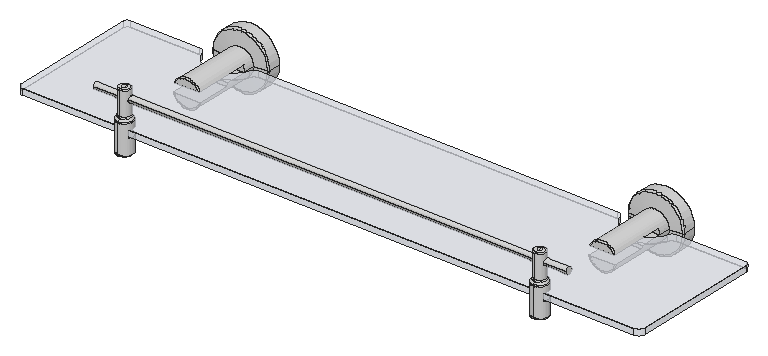
Revit family "Reece_Accessory_Posh_Solus MK2_Shelf", category Plumbing Fixtures, Revit 2018
Family settings
  Round Connector Dimension = Use Diameter
  Part Type = Normal
  Work Plane-Based = Yes
  Always vertical = Yes
  Cut with Voids When Loaded = Yes
  Shared = Yes
  Room Calculation Point = Yes
Parameters (values of type "Chrome")
  URL = "https://www.reece.com.au/product/-9506581"
  Type Comments = "Accessory"
  Reece_Product_Web Page = "https://www.reece.com.au/product/-9506581"
  Reece_Product_Type = "Accessory"  # constant formula
  Reece_Product_Sub Brand = "Solus MK2"  # constant formula
  Reece_Product_Number = "9506581"
  Reece_Product_Mount = "Wall Mounted"
  Reece_Product_Description = "Posh Solus MK2 Glass Shelf Chrome"
  Reece_Product_Brand = "Posh"  # constant formula
  Reece_Overall_Width = 133 mm  # constant formula
  Reece_Overall_Length = 500 mm  # constant formula
  Reece_Overall_Height = 55 mm  # constant formula
  Reece_Material_Secondary = Reece_Safety Glass_Transparent
  Reece_Material_Main = Reece_Brass_Chrome
  Reece_Height_From_Level [instance] = 1000 mm
  Reece_Detail_Installation = "Wall Mounted"  # constant formula
  Reece_Detail_Disclaimer = "THIS FILE IS THE PROPERTY OF THE REECE GROUP. IT MAY NOT BE REPRODUCED, REVERSE-ENGINEERED OR MODIFIED. ANY REPUBLICATION, TRANSMISSION OR DISTRIBUTION FOR THE PURPOSE OF COMMERCIALLY EXPLOITING THE FILES IS PROHIBITED."  # constant formula
  Reece_Detail_Additional = "Shelf"  # constant formula
  Model = "Solus MK2"
  Manufacturer = "Posh"
  Keynote = "Product #9506581, Reece_Accessory_Posh_Solus MK2_Shelf - Chrome"
  Disclaimer = "THIS FILE IS THE PROPERTY OF THE REECE GROUP. IT MAY NOT BE REPRODUCED, REVERSE-ENGINEERED OR MODIFIED. ANY REPUBLICATION, TRANSMISSION OR DISTRIBUTION FOR THE PURPOSE OF COMMERCIALLY EXPLOITING THE FILES IS PROHIBITED."  # constant formula
  Description = "Posh Solus MK2 Glass Shelf Chrome"
  Default Elevation = 0 mm
Types (2, lengths in mm): name | Keynote
  (no name) | "Product #9506581, Reece_Accessory_Posh_Solus MK2_Shelf -  "
  Chrome | "Product #9506581, Reece_Accessory_Posh_Solus MK2_Shelf - Chrome"
Reference planes
  plane 1 "Center (Front/Back)": y = 0
  plane 2 "Bottom Host Plane": z = -5
  plane 3 "Center (Left/Right)": x = 0
  plane 4 "Height From Floor": z = 1000
  plane 5: x = 250
  plane 6: x = -250
  plane 7: y = -133
  plane 8: x = -166.5
  plane 9: x = 166.5
  plane 10: z = 977.5
  plane 11: z = 1032.5
Forms (mm)
  Sweep 1, solid, material "Reece_Brass_Chrome" <- "Reece_Material_Main"
    path origin (0, 0, 1000) x (-1, 0, 0) y (0, -1, 0)
      loop
        line (189.555, 126.168) -> (-189.555, 126.168)
    profile origin (0, -126.168, 1000) x (0, 1, 0) y (0, 0, 1)
      loop
        circle (0, 25.183) r 2.5
  Extrusion 2, solid, material "Reece_Safety Glass_Transparent" <- "Reece_Material_Secondary"
    sketch origin (0, 0, 1000) x (-1, 0, 0) y (0, -1, 0)
      loop
        line (250.011, 22.989) -> (250.011, 125)
        arc (250.011, 125) -> (248.547, 128.536) -> (245.011, 130) r 5
        line (245.011, 130) -> (-245, 130)
        arc (-245, 130) -> (-248.536, 128.536) -> (-250, 125) r 5
        line (-250, 125) -> (-250, 22.987)
        arc (-250, 22.987) -> (-249.122, 20.867) -> (-247.002, 19.989) r 2.998
        line (-247.002, 19.989) -> (-191.351, 19.989)
        arc (-191.351, 19.989) -> (-188.403, 20.95) -> (-186.588, 23.465) r 5
        arc (-186.588, 23.465) -> (-167.633, 37.301) -> (-148.678, 23.465) r 19.902
        arc (-148.678, 23.465) -> (-146.864, 20.95) -> (-143.916, 19.989) r 5
        line (-143.916, 19.989) -> (143.916, 19.989)
        arc (143.916, 19.989) -> (146.864, 20.95) -> (148.678, 23.465) r 5
        arc (148.678, 23.465) -> (167.633, 37.301) -> (186.588, 23.465) r 19.902
        arc (186.588, 23.465) -> (188.403, 20.95) -> (191.351, 19.989) r 5
        line (191.351, 19.989) -> (247.011, 19.989)
        arc (247.011, 19.989) -> (249.133, 20.867) -> (250.011, 22.989) r 3
    from -0.279 to 4.7
  Revolve 3, solid, material "Reece_Brass_Chrome" <- "Reece_Material_Main"
    sketch origin (214.5, 0, 1000) x (-1, 0, 0) y (0, -1, 0)
      loop
        line (358.5, 0) -> (381, 0) -> (381, 64.135) -> (370.575, 64.135)
        arc (370.575, 64.135) -> (370.162, 63.964) -> (369.991, 63.552) r 0.584
        line (369.991, 63.552) -> (369.991, 11.227)
        arc (369.991, 11.227) -> (364.672, 10.8) -> (359.371, 10.198) r 161.652
        arc (359.371, 10.198) -> (358.749, 9.866) -> (358.5, 9.206) r 1
        line (358.5, 9.206) -> (358.5, 0)
      axis (381, 0) -> (381, 64.135)
    angle from 0 to 360
  Revolve 4, solid, material "Reece_Brass_Chrome" <- "Reece_Material_Main"
    sketch origin (-214.5, 0, 1000) x (1, 0, 0) y (0, -1, 0)
      loop
        line (358.5, 0) -> (381, 0) -> (381, 64.135) -> (370.575, 64.135)
        arc (370.575, 64.135) -> (370.162, 63.964) -> (369.991, 63.552) r 0.584
        line (369.991, 63.552) -> (369.991, 11.227)
        arc (369.991, 11.227) -> (364.672, 10.8) -> (359.371, 10.198) r 161.652
        arc (359.371, 10.198) -> (358.749, 9.866) -> (358.5, 9.206) r 1
        line (358.5, 9.206) -> (358.5, 0)
      axis (381, 0) -> (381, 64.135)
    angle from 0 to 360
  Revolve 5, solid, material "Reece_Brass_Chrome" <- "Reece_Material_Main"
    sketch origin (-166.5, -0.418, 0) x (0, 1, 0) y (0, 0, 1)
      loop
        line (-126.169, 1032.63) -> (-128.481, 1032.63)
        arc (-128.481, 1032.63) -> (-129.333, 1032.573) -> (-130.17, 1032.404) r 6.436
        arc (-130.17, 1032.404) -> (-130.545, 1032.152) -> (-130.689, 1031.724) r 0.705
        line (-130.689, 1031.724) -> (-130.689, 1013.363)
        arc (-130.689, 1013.363) -> (-130.788, 1012.661) -> (-131.077, 1012.012) r 2.549
        line (-131.077, 1012.012) -> (-132.358, 1009.963)
        arc (-132.358, 1009.963) -> (-132.525, 1009.588) -> (-132.582, 1009.181) r 1.475
        line (-132.582, 1009.181) -> (-132.582, 986.24)
        arc (-132.582, 986.24) -> (-132.435, 985.885) -> (-132.079, 985.737) r 0.502
        line (-132.079, 985.737) -> (-126.169, 985.737) -> (-126.169, 1032.63)
      axis (-126.169, 985.737) -> (-126.169, 1032.63)
    angle from 0 to 360
  Revolve 6, solid, material "Reece_Brass_Chrome" <- "Reece_Material_Main"
    sketch origin (166.5, -0.418, 0) x (0, 1, 0) y (0, 0, -1)
      loop
        line (-126.169, -1032.5) -> (-126.169, -985.737) -> (-132.079, -985.737)
        arc (-132.079, -985.737) -> (-132.435, -985.885) -> (-132.582, -986.24) r 0.502
        line (-132.582, -986.24) -> (-132.582, -1009.051)
        arc (-132.582, -1009.051) -> (-132.525, -1009.458) -> (-132.358, -1009.833) r 1.475
        line (-132.358, -1009.833) -> (-131.077, -1011.883)
        arc (-131.077, -1011.883) -> (-130.788, -1012.531) -> (-130.689, -1013.234) r 2.549
        line (-130.689, -1013.234) -> (-130.689, -1031.595)
        arc (-130.689, -1031.595) -> (-130.545, -1032.023) -> (-130.17, -1032.275) r 0.705
        arc (-130.17, -1032.275) -> (-129.333, -1032.443) -> (-128.481, -1032.5) r 6.436
        line (-128.481, -1032.5) -> (-126.169, -1032.5)
      axis (-126.169, -985.737) -> (-126.169, -1032.5)
    angle from 0 to 360
  Extrusion 7, void
    sketch origin (0, 0, 0) x (0, 1, 0) y (0, 0, 1)
      loop
        line (-19.989, 1004.7) -> (-130.058, 1004.7) -> (-130.058, 998.144) -> (-118.937, 998.144) -> (-118.937, 997.198) -> (-37.219, 997.198) -> (-37.219, 999.721) -> (-19.989, 999.721) -> (-19.989, 1004.7)
    from -189.555 to 189.555
  Extrusion 8, void
    sketch origin (0, 0, -17.577) x (0, 1, 0) y (0, 0, 1)
      loop
        arc (-19.24, 1006.784) -> (-25.181, 1007.918) -> (-31.122, 1006.784) r 16.122
        line (-31.122, 1006.784) -> (-31.122, 1005.545) -> (-19.24, 1005.545) -> (-19.24, 1006.784)
      loop
        line (-55.514, 1006.784) -> (-55.514, 1005.545) -> (-48.796, 1005.545) -> (-48.796, 1006.784)
        arc (-48.796, 1006.784) -> (-52.155, 1007.31) -> (-55.514, 1006.784) r 10.992
    from -189.555 to 189.555
Cuts and joins
  Extrusion 7, Extrusion 8 cuts Revolve 3
  Extrusion 7, Extrusion 8 cuts Revolve 4
  Extrusion 7, Extrusion 8 cuts Revolve 5
  Extrusion 7, Extrusion 8 cuts Revolve 6
  joined: Sweep 1, Revolve 3, Revolve 4, Revolve 5, Revolve 6
Lines and regions (mm)
  model lines, style "InvisibleLines"
    curve 1: line (0, 0, -5) -> (0, 0, 1000)
Text (mm)
  text "Reece ©" at (2668.853, -2395.367, 2952.593), in view "Reece Preview"
  text "Reece Copyright © 2018, Reece Ltd." at (-247.475, -190.626, 0), in view "Ref. Level"
Dimensions and locks
  plane 2 "Bottom Host Plane" to level = 5 mm
  locked: level to plane 2 "Bottom Host Plane" at 5
  "Reece_Height_From_Level": plane 4 "Height From Floor" to level
  equal spacing: plane 6, plane 3 "Center (Left/Right)", plane 5
  "Reece_Overall_Length": plane 6 to plane 5
  "Reece_Overall_Width": plane 7 to plane 1 "Center (Front/Back)"
  plane 8 to plane 9 = 333 mm
  locked: plane 4 "Height From Floor" to plane 10 at 22.5
  "Reece_Overall_Height": plane 11 to plane 10
  aligned and locked: plane 2 "Bottom Host Plane" to curve 1
  aligned and locked: plane 4 "Height From Floor" to curve 1
Automatic sketch dimensions
  curve 1 to plane 3 "Center (Left/Right)" = 0 mm
  Sweep 1 sketch curve to profile plane = 0 mm
  profile plane to Sweep 1 sketch curve = 25.183 mm
  Extrusion 2 sketch curve to plane 5 = 0 mm
  Extrusion 2 sketch curve to plane 5 = 2.998 mm
  Extrusion 2 sketch curve to plane 5 = 5 mm
  Extrusion 2 sketch curve to plane 9 = 24.851 mm
  Extrusion 2 sketch curve to plane 9 = 1.133 mm
  plane 9 to Extrusion 2 sketch curve = 22.584 mm
  plane 8 to Extrusion 2 sketch curve = 22.584 mm
  Extrusion 2 sketch curve to plane 8 = 1.133 mm
  Extrusion 2 sketch curve to plane 8 = 24.851 mm
  Extrusion 2 sketch curve to plane 6 = 4.989 mm
  Extrusion 2 sketch curve to plane 6 = 2.989 mm
  plane 6 to Extrusion 2 sketch curve = 0.011 mm
  plane 1 "Center (Front/Back)" to Extrusion 2 sketch curve = 17.399 mm  (x2)
  plane 1 "Center (Front/Back)" to Extrusion 2 sketch curve = 19.989 mm  (x3)
  Extrusion 2 sketch curve to Extrusion 2 sketch curve = 5 mm  (x4)
  plane 7 to Extrusion 2 sketch curve = 8 mm
  Extrusion 2 sketch curve to Extrusion 2 sketch curve = 0 mm  (x2)
  plane 1 "Center (Front/Back)" to Revolve 3 sketch curve = 0 mm
  Revolve 3 sketch curve to plane 8 = 0 mm  (x2)
  plane 8 to Revolve 3 sketch curve = 0.735 mm
  plane 8 to Revolve 3 sketch curve = 10.425 mm
  Revolve 3 sketch curve to Revolve 3 sketch curve = 0.584 mm
  Revolve 3 sketch curve to Revolve 3 sketch curve = 10.491 mm
  Revolve 3 sketch curve to Revolve 3 sketch curve = 1 mm
  Revolve 3 sketch curve to plane 1 "Center (Front/Back)" = 150.098 mm
  plane 1 "Center (Front/Back)" to Revolve 3 sketch curve = 9.206 mm
  Revolve 3 sketch curve to Revolve 3 sketch curve = 1.029 mm
  Revolve 3 sketch curve to Revolve 3 sketch curve = 52.325 mm
  Revolve 3 sketch curve to plane 1 "Center (Front/Back)" = 12.283 mm
  Revolve 3 sketch curve to Revolve 3 sketch curve = 4.909 mm
  plane 1 "Center (Front/Back)" to Revolve 4 sketch curve = 0 mm
  Revolve 4 sketch curve to plane 9 = 0 mm  (x2)
  Revolve 4 sketch curve to plane 9 = 0.735 mm
  Revolve 4 sketch curve to plane 9 = 10.425 mm
  Revolve 4 sketch curve to Revolve 4 sketch curve = 0.584 mm
  Revolve 4 sketch curve to Revolve 4 sketch curve = 10.491 mm
  Revolve 4 sketch curve to Revolve 4 sketch curve = 1 mm
  plane 1 "Center (Front/Back)" to Revolve 4 sketch curve = 150.098 mm
  Revolve 4 sketch curve to plane 1 "Center (Front/Back)" = 9.206 mm
  Revolve 4 sketch curve to Revolve 4 sketch curve = 1.029 mm
  Revolve 4 sketch curve to Revolve 4 sketch curve = 52.325 mm
  plane 1 "Center (Front/Back)" to Revolve 4 sketch curve = 12.283 mm
  Revolve 4 sketch curve to Revolve 4 sketch curve = 4.909 mm
  Revolve 5 sketch curve to plane 7 = 0 mm
  Revolve 5 sketch curve to plane 7 = 0.657 mm
  plane 7 to Revolve 5 sketch curve = 0.224 mm
  Revolve 5 sketch curve to Revolve 5 sketch curve = 0.502 mm
  Revolve 5 sketch curve to Revolve 5 sketch curve = 1.251 mm
  plane 7 to Revolve 5 sketch curve = 1.505 mm
  Revolve 5 sketch curve to Revolve 5 sketch curve = 0.705 mm
  plane 7 to Revolve 5 sketch curve = 4.1 mm
  Revolve 5 sketch curve to Revolve 5 sketch curve = 2.313 mm
  plane 4 "Height From Floor" to Revolve 5 sketch curve = 9.181 mm
  Revolve 5 sketch curve to Revolve 5 sketch curve = 12.83 mm
  Revolve 5 sketch curve to Revolve 5 sketch curve = 5.531 mm
  Revolve 5 sketch curve to Revolve 5 sketch curve = 0.905 mm
  Revolve 5 sketch curve to Revolve 5 sketch curve = 0 mm  (x2)
  Revolve 6 sketch curve to plane 7 = 0 mm
  Revolve 6 sketch curve to plane 7 = 0.657 mm
  plane 7 to Revolve 6 sketch curve = 0.224 mm
  Revolve 6 sketch curve to Revolve 6 sketch curve = 0.502 mm
  Revolve 6 sketch curve to Revolve 6 sketch curve = 1.251 mm
  plane 7 to Revolve 6 sketch curve = 1.505 mm
  Revolve 6 sketch curve to Revolve 6 sketch curve = 0.705 mm
  plane 7 to Revolve 6 sketch curve = 4.1 mm
  Revolve 6 sketch curve to Revolve 6 sketch curve = 2.313 mm
  Revolve 6 sketch curve to Revolve 6 sketch curve = 0.905 mm
  Revolve 6 sketch curve to Revolve 6 sketch curve = 5.531 mm
  Revolve 6 sketch curve to Revolve 6 sketch curve = 12.83 mm
  Revolve 6 sketch curve to Revolve 6 sketch curve = 0 mm  (x2)
  plane 7 to Extrusion 7 sketch curve = 2.942 mm
  Extrusion 7 sketch curve to plane 4 "Height From Floor" = 1.856 mm
  Extrusion 7 sketch curve to Extrusion 7 sketch curve = 11.122 mm
  Extrusion 7 sketch curve to plane 4 "Height From Floor" = 2.802 mm
  plane 1 "Center (Front/Back)" to Extrusion 7 sketch curve = 37.219 mm
  Extrusion 7 sketch curve to plane 4 "Height From Floor" = 0.279 mm
  Extrusion 7 sketch curve to Extrusion 7 sketch curve = 17.231 mm
  plane 4 "Height From Floor" to Extrusion 7 sketch curve = 4.7 mm
  plane 1 "Center (Front/Back)" to Extrusion 8 sketch curve = 55.514 mm
  Extrusion 8 sketch curve to Extrusion 8 sketch curve = 3.359 mm
  Extrusion 8 sketch curve to Extrusion 8 sketch curve = 17.675 mm
  Extrusion 8 sketch curve to Extrusion 8 sketch curve = 5.941 mm
  Extrusion 8 sketch curve to Extrusion 8 sketch curve = 1.239 mm  (x3)
  Extrusion 8 sketch curve to Extrusion 8 sketch curve = 9.227 mm
  Extrusion 8 sketch curve to Extrusion 8 sketch curve = 13.748 mm
  plane 7 to Sweep 1 sketch curve = 6.832 mm
  Sweep 1 sketch curve to plane 9 = 23.055 mm
  Sweep 1 sketch curve to plane 8 = 23.055 mm
  Revolve 5 sketch curve to plane 4 "Height From Floor" = 13.76 mm
  Revolve 6 sketch curve to plane 4 "Height From Floor" = 13.76 mm
  Extrusion 8 sketch curve to Extrusion 8 sketch curve = 11.881 mm
  Extrusion 8 sketch curve to plane 4 "Height From Floor" = 25.78 mm
  Extrusion 8 sketch curve to plane 4 "Height From Floor" = 21.26 mm
  plane 11 to Revolve 5 sketch curve = 7.897 mm
  Revolve 6 sketch curve to plane 11 = 0 mm
  plane 11 to Revolve 6 sketch curve = 7.897 mm
  radius of Sweep 1 sketch curve = 2.5 mm
